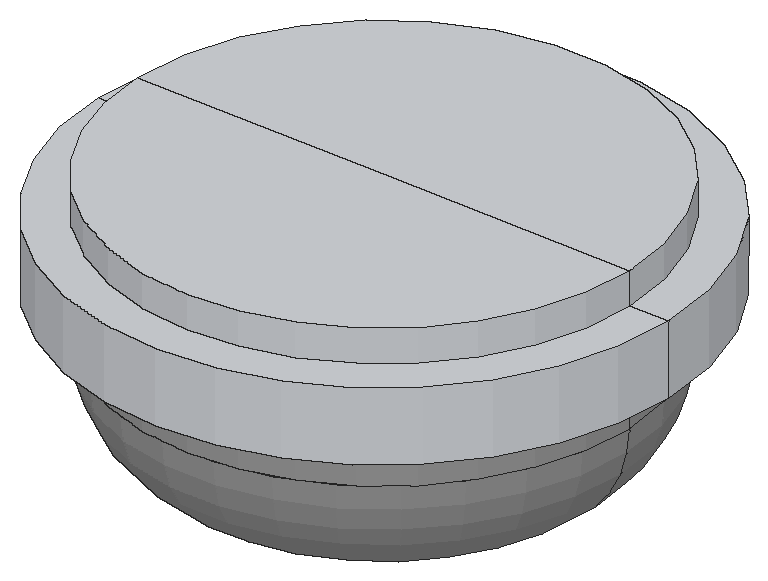
Revit family "O10-S290 LED 1000 AC 830 WH", category Lighting Fixtures, Revit 2016
Family settings
  Part Type = Normal
  Round Connector Dimension = Use Diameter
  OmniClass Number = 23.80.70.00
  OmniClass Title = Lighting
  Work Plane-Based = No
  Always vertical = Yes
  Cut with Voids When Loaded = No
  Light Source = Yes
  Shared = No
  Room Calculation Point = No
Parameters
  Wiring Accessories = ""
  Wattage Comments = ""
  Wattage = 12 W
  VoltageMax = 240 V
  built-in parameter 1150110 = 1 (stored number, unit not read)
  Voltage = 220 V
  UpdateDate = "03.03.2018 14:00:10"
  URL UK = "http://glamox.com/uk/products/O10-S290/items/O10113200"
  URL Sweden = "http://glamox.com/se/produkter/O10-S290/items/O10113200"
  URL Russia = "http://glamox.com/ru/products/O10-S290/items/O10113200"
  URL Other = "http://glamox.com/gsx/products/O10-S290/items/O10113200"
  URL Norway = "http://glamox.com/no/produkter/O10-S290/items/O10113200"
  URL Ireland = "http://glamox.com/ie/products/O10-S290/items/O10113200"
  URL Germany = "http://glamox.com/de/products/O10-S290/items/O10113200"
  URL Finland = "http://glamox.com/fi/products/O10-S290/items/O10113200"
  URL Estonia = "http://glamox.com/ee/products/O10-S290/items/O10113200"
  URL Denmark = "http://glamox.com/dk/produkter/O10-S290/items/O10113200"
  URL = ""
  TypeOfEmergency = ""
  TypeOfBallast = ""
  TotalWattage = 12 W
  Total Load = 12 W
  built-in parameter 1114217 = 1 (stored number, unit not read)
  Top Radius = Radius - 32.5 mm  # 112.5 mm
  Tilt Angle = 90.00°
  Termination = "5x2x2,5 PI"
  built-in parameter 1150109 = 1 (stored number, unit not read)
  built-in parameter 1150134 = (empty or 0)
  built-in parameter 1150113 = 1 (stored number, unit not read)
  Specification = "Outdoor product, in Aluminium, for Surface/Wall mounting, impact classification IK10, IP66, light source LED, lumen out 967lm, ballast type AC, with light source type CRI>80, 3000K, with Polycarbonate diffuser."
  Remark = ""
  RatedVoltage = 220 V
  PowerFactor = 98.00%
  Power Factor = 0.98
  Plug Type = ""
  Photometric Web File = "O10-S290-LED-1000-830.ies"
  Optic = ""
  Number of Poles = 1
  NominalFrequencyRange = 50 Hz
  ModelReference = "O10-S290"
  ModelLabel = "O10-S290 LED 1000 AC 830 WH"
  Maximum TA = 40
  MaintenanceFactor = 0
  MFArtNo = "O10113200"
  LumDiameter = Diameter  # 290 mm
  Load Classification [instance] = Lighting
  Model = ""
  Manufacturer = "Glamox"
  Lumens = 967 lm
  built-in parameter 1150115 = 1 (stored number, unit not read)
  built-in parameter 1150105 = 76.951 (stored number, unit not read)
  LightFixturePlacingType = "CEILING"
  LightFixtureMountingType = "SURFACE"
  built-in parameter 1150137 = (empty or 0)
  built-in parameter 1150139 = (empty or 0)
  LampBase = ""
  Lamp Wattage Comments = ""
  built-in parameter 1150112 = 1 (stored number, unit not read)
  built-in parameter 1150114 = 1 (stored number, unit not read)
  Lamp = "LED"
  built-in parameter 1150132 = 2
  built-in parameter 1150102 = (empty or 0)
  built-in parameter 1150138 = (empty or 0)
  built-in parameter 1150107 = 3000 (stored number, unit not read)
  built-in parameter 1150106 = 0.76951 (stored number, unit not read)
  IP_Code = "66"
  IPClass = "66"
  IK_Code = ""
  IFC Classification = "Light Fixture"
  Height = 131 mm
  GlobalTradeItemNumber = "4741145295796"
  Glamox Mounting = "Surface"
  Glamox Family = "O10-S290"
  Glamox Category = "Outdoor"
  FrequencyMax = 60 Hz
  Frequency = 50 Hz
  Expired = "0"
  Emit from Circle Diameter = LumDiameter  # 290 mm
  Emit Shape Visible in Rendering = yes
  built-in parameter 1150104 = 7.4864 (stored number, unit not read)
  ELNo Norway = ""
  ELNo Finland = ""
  EANNo = "4741145295796"
  DurationInBatteryMode = ""
  Dimming Lamp Color Temperature Shift = Incandescent Lamp Curve
  Diameter = 290 mm
  Description = "O10-S290 LED 1000 AC 830 WH"
  Cut Out = ""
  Completion = ""
  Color Filter = 16777215
  Radius = Diameter / 2  # 145 mm
  Body Material and Colour = Default
  built-in parameter 1114218 = 1 (stored number, unit not read)
  built-in parameter 1150133 = 10 (stored number, unit not read)
  Assembly Code = ""
  ArticleNumber = "O10113200"
  Apparent Load = Total Load / Power Factor  # 12.2449 VA
  #Ballast = 1
  # ballast on a MCB16 type C fuse = "176"
  # ballast on a MCB16 type B fuse = "130"
Reference planes
  plane 1 "Light Source Axis (F/B)": y = 0
  plane 2: z = 0
  plane 3 "Light Source Axis (L/R)": x = 0
  plane 4 "Light Source Elevation": z = -132.079
  plane 5: z = -132.079
  plane 6: x = 145
  plane 7: x = 125
  plane 8: x = 0
  plane 9: y = 145
  plane 10: y = -145
Forms (mm)
  Extrusion 1, solid, material "Default" <- "Body Material and Colour", not visible
    sketch origin (-13.045, 0, -1.079) x (1, 0, 0) y (0, 1, 0)
      loop
        circle (0, 0) r 10
    from -1.079 to 0
  Revolve 2, solid
    sketch origin (0, 0, -1.079) x (-1, 0, 0) y (0, 0, -1)
      loop
        arc (-66, 131) -> (-107.719, 113.719) -> (-125, 72) r 59
        line (-125, 72) -> (-125, 51.079) -> (-125, 48.126) -> (-140, 48.126) -> (-140, 51.079) -> (-145, 51.079) -> (-145, 16.079) -> (-125, 16.079) -> (-125, 0) -> (0, 0) -> (0, 131) -> (-66, 131)
      axis (0, 131) -> (0, 0)
    angle from 0 to 360
Lines and regions (mm)
  symbolic lines
    curve 1: circle (-3.045, 0, -132.079) r 145 normal (0, 0, -1)
    curve 2: line (0, 0, -132.079) -> (100.997, 100.997, -132.079)
    curve 3: line (0, 0, -132.079) -> (100.997, -100.997, -132.079)
    curve 4: line (0, 0, -132.079) -> (-104.042, 104.042, -132.079)
    curve 5: line (0, 0, -132.079) -> (-104.042, -104.042, -132.079)
Dimensions and locks
  "Height": plane 5 to level
  "Radius": plane 6 to plane 8
  equal spacing: plane 9, plane 1 "Light Source Axis (F/B)", plane 10
  aligned and locked: plane 1 "Light Source Axis (F/B)" to imposter light
  aligned and locked: plane 4 "Light Source Elevation" to imposter light
  aligned and locked: plane 1 "Light Source Axis (F/B)" to Extrusion 1 sketch curve
  aligned and locked: Revolve 2 sketch curve to Revolve 2 sketch curve
  aligned and locked: Revolve 2 to Revolve 2
  aligned and locked: plane 5 to imposter light
  aligned and locked: plane 6 to Revolve 2
  aligned and locked: level to Revolve 2 sketch curve
  aligned and locked: plane 4 "Light Source Elevation" to plane 5
  aligned and locked: imposter light to plane 8
  aligned and locked: Revolve 2 sketch curve to plane 4 "Light Source Elevation"
  aligned and locked: imposter light to plane 3 "Light Source Axis (L/R)"
Automatic sketch dimensions
  Extrusion 1 sketch curve to plane 3 "Light Source Axis (L/R)" = 13.045 mm
  Revolve 2 sketch curve to plane 6 = 0 mm
  plane 7 to Revolve 2 sketch curve = 0 mm  (x2)
  plane 3 "Light Source Axis (L/R)" to Revolve 2 sketch curve = 0 mm  (x2)
  Revolve 2 sketch curve to plane 6 = 5 mm
  Revolve 2 sketch curve to Revolve 2 sketch curve = 59 mm
  Revolve 2 sketch curve to level = 16.079 mm
  Revolve 2 sketch curve to Revolve 2 sketch curve = 23.874 mm
  Revolve 2 sketch curve to Revolve 2 sketch curve = 2.953 mm  (x2)
  plane 2 to Revolve 2 sketch curve = 28.842 mm
  Revolve 2 sketch curve to Revolve 2 sketch curve = 16.079 mm
  plane 1 "Light Source Axis (F/B)" to curve 3 = 0 mm
  plane 1 "Light Source Axis (F/B)" to curve 1 = 0 mm
  curve 5 to plane 3 "Light Source Axis (L/R)" = 0 mm
  curve 1 to curve 2 = 3.045 mm
  curve 4 to plane 9 = 40.958 mm
  curve 3 to plane 7 = 24.003 mm
  plane 10 to curve 5 = 40.958 mm
  radius of Extrusion 1 sketch curve = 10 mm
Connectors
  electrical at (-13.045, 0, -1.079), driven by "Voltage", driven by "Total Load", driven by "Number of Poles", driven by "Load Classification", driven by "Power Factor"
    settings: on Extrusion 1, index 1, voltage 220 V, apparent load 0 VA, apparent load phase1 12 VA, apparent load phase2 0 VA, apparent load phase3 0 VA, power factor 0.98, load classification "Lighting", number of poles 1, system type 31, power factor state 1, is connector primary yes, connector utility no, sub classification motor no, connector description ""
